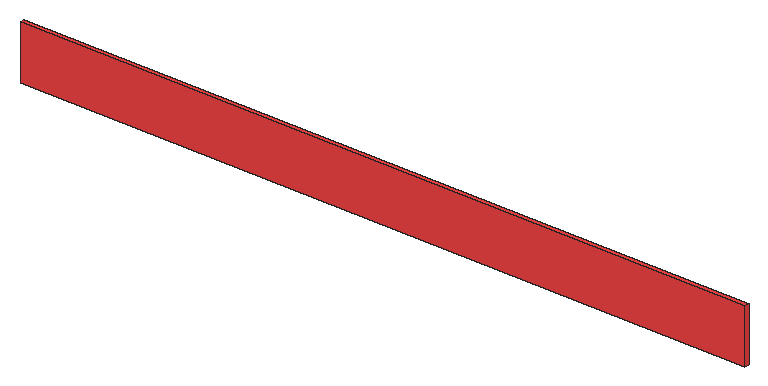
Revit family "VFB_FF102-50", category Specialty Equipment, Revit 2015
Parameters (values of type "50mm x 50mm x 1000mm")
  Youtube Clip = ""
  Width = 75 mm
  URL = "https://www.tenmat.com/passive-fire-protection/"
  Tenmat Item Number = ""
  Performance = "BS EN 1366-3:2009 & BS 476, ETA-12/0332, 1224-CPR-0341, CE Marked"
  Material/Grade = "Intumescent Material"
  Manufacturer = "Tenmat ltd"
  Length_Calc [instance] = if(Length < 1000 mm, if(Length > 1 mm, Length, 1 mm), 1000 mm)  # 1000 mm
  Length [instance] = 1000 mm
  IFC Classification = "Building Element Proxy"
  Description = "FF102/50 6mm x 75mm x Max Length 1000mm"
  Depth = 6 mm
Reference planes
  plane 1 "Center (Front/Back)": y = 0
  plane 2: z = 0
  plane 3 "Center (Left/Right)": x = 0
  plane 4: x = -500
  plane 5: y = 3
  plane 6: x = 500
  plane 7: y = -3
  plane 8: z = 75
Forms (mm)
  Extrusion 1, solid, material "Tenmat"
    sketch origin (0, 0, 0) x (1, 0, 0) y (0, 1, 0)
      loop
        line (-500, 3) -> (-500, -3) -> (500, -3) -> (500, 3) -> (-500, 3)
    from 0 to 75
Dimensions and locks
  equal spacing: plane 4, plane 3 "Center (Left/Right)", plane 6
  "Length_Calc": plane 4 to plane 6
  equal spacing: plane 5, plane 1 "Center (Front/Back)", plane 7
  "Width": plane 8 to plane 2
  "Depth": plane 7 to plane 5
  aligned and locked: level to plane 2
  aligned and locked: Extrusion 1 to plane 2
  aligned and locked: plane 8 to Extrusion 1
  aligned and locked: plane 5 to Extrusion 1
  aligned and locked: plane 7 to Extrusion 1
  aligned and locked: Extrusion 1 to plane 6  (x2)
  aligned and locked: Extrusion 1 to plane 4
Automatic sketch dimensions
  Extrusion 1 sketch curve to plane 4 = 0 mm
  Extrusion 1 sketch curve to plane 6 = 0 mm
  plane 1 "Center (Front/Back)" to Extrusion 1 sketch curve = 3 mm
  Extrusion 1 sketch curve to plane 1 "Center (Front/Back)" = 3 mm
